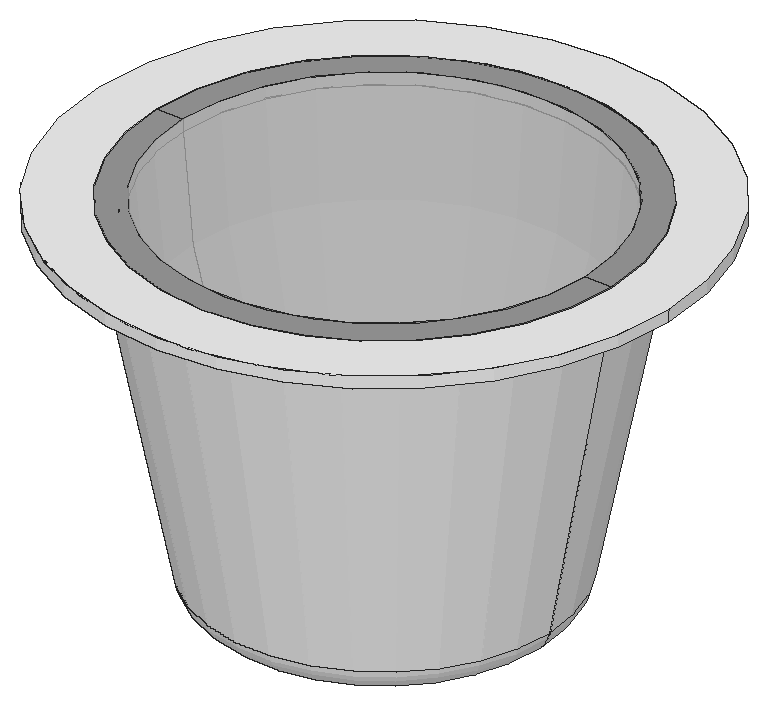
Revit family "2060522 Sylvania Lighting Fixture ASCENT100 II ARCH 1200 3K DALI 120", category Lighting Fixtures, host Face, Revit 2016
Family settings
  Host = Face
  Part Type = Normal
  Round Connector Dimension = Use Diameter
  OmniClass Number = 23.80.70.11.17
  OmniClass Title = Specialized Lighting by Location or Use
  Cut with Voids When Loaded = No
  Light Source = Yes
  Shared = No
  Room Calculation Point = No
Parameters (values of type "2060522 ASCT100 II ARCH 1200 3K DALI 120")
  Weight = "0.715 kg"
  WarrantyStartDate [instance] = "n/a"
  WarrantyGuarantorParts = "n/a"
  WarrantyDurationUnit = "n/a"
  WarrantyDurationParts = "n/a"
  WarrantyDescription = "n/a"
  Voltage = 0 V
  TypeName = "ASCENT100 II ARCH 1200 3K DALI 120"
  SerialNumber [instance] = "n/a"
  ReflectorRadius_SYL = Radius_SYL - 15.0 mm  # 60.0 mm
  PowerFactor = 0
  PowerConsumption = "10 W"
  NominalWidth = 0.0 mm
  NominalLength = 0.0 mm
  NominalHeight = 94.0 mm
  Name = "ASCENT100 II ARCH 1200 3K DALI 120"
  ModelReference = "ASCENT100 II ARCH 1200 3K DALI 120"
  ModelNumber = "2060522"
  Material_4_SYL = Aluminium_Sylvania_Ascent_Silver
  Radius_SYL = 75.0 mm
  Wattage = 10 W
  built-in parameter 1150110 = 1 (stored number, unit not read)
  URL = "http://www.sylvania-lighting.com"
  built-in parameter 1114217 = 1 (stored number, unit not read)
  Tilt Angle = -90°
  built-in parameter 1150109 = 1 (stored number, unit not read)
  built-in parameter 1150134 = (empty or 0)
  built-in parameter 1150113 = 1 (stored number, unit not read)
  Photometric Web File = "2060522.ies"
  Material = "aluminium housing, acrylic diffuser"
  ManufacturerName = "Feilo Sylvania"
  LuminousEfficacy = "116 lm/W"
  LuminaireType = ""
  LightOutputRatio = "100"
  LampsType = Lamp  # "LED"
  LampNominalLuminous = "1160 lm"
  LampMacAdamStep = "n/a"
  LampColourTemperature = "3000 K"
  LampColourRenderingIndex = "80"
  Keynote = "16500"
  InstallationDate [instance] = "n/a"
  InputVoltage = "n/a"
  InputNominalFrequency = "n/a"
  IngressProtection = "IP40"
  ImpactProtectionIndex = "IK02"
  IfcExportType = "IfcLightFixtureType"
  IfcExportAs = "IfcLightFixtureType"
  Height_SYL = 94.0 mm
  ExpectedLife = 50000
  Emit from Circle Diameter = 2 * DiffuserRadius_SYL  # 106.0 mm
  Emit Shape Visible in Rendering = no
  ElectricShockClassification = "Class II"
  DurationUnit = "hours"
  DocumentationLiterature = "http://www.sylvania-lighting.com/product/en-int/products/2060522"
  DimmingControlOptions = "n/a"
  DiffuserRadius_SYL = ReflectorRadius_SYL - 7.0 mm  # 53.0 mm
  Material_3_SYL = Polycarbonate_Sylvania_Ascent_Clear
  Diameter_SYL = 2 * Radius_SYL  # 150.0 mm
  CutoutDiameter_SYL = Diameter_SYL - 13.0 mm  # 137.0 mm
  CreatedOn = "9/17/2018"
  CreatedBy = "@sylvania-lighting.com"
  built-in parameter 1114216 [instance] = 1 (stored number, unit not read)
  Model = "ASCENT100 II ARCH 1200 3K DALI 120"
  Manufacturer = "Feilo Sylvania"
  built-in parameter 1150105 = 92.31 (stored number, unit not read)
  Lumens = 1160 lm
  built-in parameter 1150115 = 1 (stored number, unit not read)
  built-in parameter 1150137 = (empty or 0)
  built-in parameter 1150139 = (empty or 0)
  built-in parameter 1150112 = 1 (stored number, unit not read)
  built-in parameter 1150114 = 1 (stored number, unit not read)
  Lamp = "LED"
  built-in parameter 1150132 = 2
  built-in parameter 1150102 = (empty or 0)
  built-in parameter 1150107 = 3000 (stored number, unit not read)
  built-in parameter 1150138 = (empty or 0)
  built-in parameter 1150106 = 0.9231 (stored number, unit not read)
  Material_1_SYL = Aluminum_Sylvania_Ascent_White
  built-in parameter 1150104 = 10.777 (stored number, unit not read)
  Dimming Lamp Color Temperature Shift = <None>
  Description = "Direct LED retro fit for original LED 100 Arch (120) single CFL lamp offering Matching lumen levels and improved light distribution of original LED 100 CFL lamp equivalents Typically half the power consumption compared to CFL Up to 104lm/W 120mm aperture Architectural reflector accepts range of glass accessories from existing LED 100 Arch 120 offering HE, HO and VHO versions equivalent of single 1 x 13W, 1 x 18W, 1 x 26W Additional VVHO versions which offer the performance circa 2 x 26W equivalent"  # constant formula
  Default Elevation = 0.0 mm
  Color Filter = 16777215
  built-in parameter 1140040 [instance] = 1
  BarCode [instance] = "n/a"
  built-in parameter 1114218 = 1 (stored number, unit not read)
  built-in parameter 1150133 = 10 (stored number, unit not read)
  AssetType = "Fixed"
  AssetIdentifier [instance] = "n/a"
  Assembly Code = "D5020200"
  Apparent Load = 10 VA
  Aperture_SYL = 2 * ReflectorRadius_SYL  # 120.0 mm
  Material_2_SYL = Aluminum_Sylvania_Ascent_White
Reference planes
  plane 1 "Center (Front/Back)": y = 0
  plane 2: z = 0
  plane 3 "Center (Left/Right)": x = 0
  plane 4 "Fixture Bottom": z = 3
  plane 5: z = -52.5
  plane 6 "Fixture Top": z = -91
Forms (mm)
  Extrusion 1, solid, material "Aluminum_Sylvania_Ascent_White" <- "Material_2_SYL", detail levels fine
    sketch origin (0, 0, 0) x (1, 0, 0) y (0, 1, 0)
      loop
        circle (0, 0) r 75
      loop
        circle (0, 0) r 60
    from 0 to 3
  Extrusion 2, void
    sketch origin (0, 0, 0) x (1, 0, 0) y (0, 1, 0)
      loop
        circle (0, 0) r 68.5
    from -91 to 3
  Revolve 3, solid, material "Aluminum_Sylvania_Ascent_White" <- "Material_1_SYL", detail levels fine
    sketch origin (0, 0, 0) x (1, 0, 0) y (0, 0, 1)
      loop
        line (0, -91.073) -> (0, -89.023) -> (-35.468, -89.014)
        arc (-35.468, -89.014) -> (-39.352, -87.613) -> (-41.54, -84.139) r 6.307
        line (-41.54, -84.139) -> (-57.991, -2.844) -> (-57.991, 0) -> (-60, 0) -> (-60, -3) -> (-43.5, -84.536)
        arc (-43.5, -84.536) -> (-40.643, -89.203) -> (-35.5, -91.073) r 8.291
        line (-35.5, -91.073) -> (0, -91.073)
      axis (0, 0) -> (0, -91.073)
    angle from 0 to 360
  Revolve 4, solid, material "Aluminium_Sylvania_Ascent_Silver" <- "Material_4_SYL", detail levels fine
    sketch origin (0, 0, 0) x (1, 0, 0) y (0, 0, 1)
      loop
        line (-60, 3) -> (-60, 0) -> (-55, 0)
        arc (-55, 0) -> (-52.349, -26.77) -> (-44.5, -52.5) r 136.5
        line (-44.5, -52.5) -> (-38, -52.5)
        arc (-38, -52.5) -> (-36.857, -61.521) -> (-33.5, -69.971) r 36.166
        line (-33.5, -69.971) -> (0, -69.971) -> (0, -50.5) -> (-43.16, -50.5)
        arc (-43.16, -50.5) -> (-50.517, -25.725) -> (-53, 0) r 134.5
        line (-53, 0) -> (-53, 3) -> (-60, 3)
      axis (0, 3) -> (0, -69.971)
    angle from 0 to 360
  Extrusion 5, solid, material "Polycarbonate_Sylvania_Ascent_Clear" <- "Material_3_SYL", detail levels fine
    sketch origin (0, 0, 0) x (1, 0, 0) y (0, 1, 0)
      loop
        circle (0, 0) r 53
    from 0 to 3
  Revolve 6, solid, material "Aluminum_Sylvania_Ascent_White" <- "Material_2_SYL", detail levels coarse+medium
    sketch origin (0, 0, 0) x (1, 0, 0) y (0, 0, 1)
      loop
        line (0, -91.073) -> (0, 3) -> (-75, 3) -> (-75, 0) -> (-60, 0) -> (-60, -3) -> (-43.5, -84.536)
        arc (-43.5, -84.536) -> (-40.643, -89.203) -> (-35.5, -91.073) r 8.291
        line (-35.5, -91.073) -> (0, -91.073)
      axis (0, 3) -> (0, -91.073)
    angle from 0 to 360
Dimensions and locks
  locked: plane 4 "Fixture Bottom" to plane 2 at 3
  "Height_SYL": plane 4 "Fixture Bottom" to plane 6 "Fixture Top"
  "ReflectorRadius_SYL": plane 3 "Center (Left/Right)" to Revolve 4 sketch curve
  locked: Revolve 4 sketch curve to Revolve 4 sketch curve at 15.5
  locked: Revolve 4 sketch curve to Revolve 4 sketch curve at 5
  locked: Revolve 4 sketch curve to Revolve 4 sketch curve at 7
  locked: Revolve 4 sketch curve to Revolve 4 sketch curve at 22
  locked: Revolve 4 sketch curve to Revolve 4 sketch curve at 26.5
  locked: Revolve 3 sketch curve to Revolve 3 sketch curve at 16.5
  locked: Revolve 3 sketch curve to Revolve 3 sketch curve at 24.5
  "ReflectorRadius_SYL": Revolve 3 sketch curve to plane 3 "Center (Left/Right)"
  locked: Revolve 3 sketch curve to plane 6 "Fixture Top" at 6.464
  locked: plane 2 to Revolve 3 sketch curve at 3
  locked: Revolve 3 sketch curve to Revolve 3 sketch curve at 2
  locked: Revolve 3 sketch curve to Revolve 3 sketch curve at 2.009
  locked: plane 2 to plane 5 at 52.5
  locked: Revolve 6 sketch curve to Revolve 6 sketch curve at 31.5
  locked: Revolve 6 sketch curve to Revolve 6 sketch curve at 39.5
  locked: Revolve 6 sketch curve to Revolve 6 sketch curve at 15
  "Radius_SYL": plane 3 "Center (Left/Right)" to Revolve 6 sketch curve
  "CutoutDiameter_SYL": diameter of Extrusion 2 sketch curve
  "ReflectorRadius_SYL": radius of Extrusion 1 sketch curve
  "DiffuserRadius_SYL": radius of Extrusion 5 sketch curve
  "Radius_SYL": radius of Extrusion 1 sketch curve
  aligned and locked: host face to plane 2
  aligned and locked: host face to level
  aligned and locked: plane 1 "Center (Front/Back)" to imposter light
  aligned and locked: plane 3 "Center (Left/Right)" to imposter light
  aligned and locked: plane 4 "Fixture Bottom" to Extrusion 1
  aligned and locked: Extrusion 1 to plane 2
  aligned and locked: Revolve 3 sketch curve to plane 3 "Center (Left/Right)"
  aligned and locked: Revolve 4 sketch curve to plane 3 "Center (Left/Right)"  (x2)
  aligned and locked: plane 4 "Fixture Bottom" to Revolve 4 sketch curve
  aligned and locked: Revolve 3 sketch curve to imposter light
  aligned and locked: Extrusion 5 to plane 2
  aligned and locked: imposter light to Extrusion 5
  aligned and locked: plane 2 to Revolve 3 sketch curve  (x2)
  aligned and locked: Revolve 6 sketch curve to imposter light
  aligned and locked: Revolve 6 sketch curve to plane 3 "Center (Left/Right)"
  aligned and locked: plane 6 "Fixture Top" to Extrusion 2
  aligned and locked: imposter light to Extrusion 2
  aligned and locked: imposter light to plane 4 "Fixture Bottom"
Automatic sketch dimensions
  plane 1 "Center (Front/Back)" to Extrusion 2 sketch curve = 0.0 mm
  Extrusion 2 sketch curve to plane 3 "Center (Left/Right)" = 0.0 mm
  Extrusion 1 sketch curve to Extrusion 1 sketch curve = 0.0 mm  (x2)
  plane 1 "Center (Front/Back)" to Extrusion 1 sketch curve = 0.0 mm
  Extrusion 1 sketch curve to plane 3 "Center (Left/Right)" = 0.0 mm
  plane 6 "Fixture Top" to Revolve 3 sketch curve = 0.073 mm
  Revolve 3 sketch curve to plane 6 "Fixture Top" = 6.861 mm
  Revolve 3 sketch curve to Revolve 3 sketch curve = 0.003 mm
  Revolve 3 sketch curve to Revolve 3 sketch curve = 0.009 mm  (x2)
  Revolve 3 sketch curve to Revolve 3 sketch curve = 0.023 mm
  Revolve 3 sketch curve to Revolve 3 sketch curve = 0.072 mm
  Revolve 3 sketch curve to Revolve 3 sketch curve = 0.008 mm
  Revolve 3 sketch curve to plane 6 "Fixture Top" = 1.977 mm
  Revolve 3 sketch curve to Revolve 3 sketch curve = 33.496 mm
  Revolve 3 sketch curve to Revolve 3 sketch curve = 0.028 mm
  plane 4 "Fixture Bottom" to Revolve 3 sketch curve = 82.431 mm
  Revolve 4 sketch curve to Revolve 4 sketch curve = 0.0 mm  (x2)
  Revolve 4 sketch curve to plane 5 = 0.0 mm
  Revolve 4 sketch curve to level = 0.0 mm
  plane 5 to Revolve 4 sketch curve = 2.0 mm
  plane 4 "Fixture Bottom" to Revolve 4 sketch curve = 9.642 mm
  plane 1 "Center (Front/Back)" to Extrusion 5 sketch curve = 0.0 mm
  Extrusion 5 sketch curve to plane 3 "Center (Left/Right)" = 0.0 mm
  Revolve 4 sketch curve to level = 69.971 mm
  Revolve 4 sketch curve to Revolve 4 sketch curve = 2.387 mm
  Revolve 6 sketch curve to level = 0.0 mm
  Revolve 6 sketch curve to plane 3 "Center (Left/Right)" = 0.0 mm
  Revolve 6 sketch curve to Revolve 6 sketch curve = 8.104 mm
  Revolve 6 sketch curve to level = 3.0 mm
  Revolve 6 sketch curve to plane 6 "Fixture Top" = 6.464 mm
  plane 6 "Fixture Top" to Revolve 6 sketch curve = 0.073 mm
  Revolve 6 sketch curve to Revolve 6 sketch curve = 33.496 mm
  plane 4 "Fixture Bottom" to Revolve 6 sketch curve = 82.431 mm
  host sketch curve to host sketch curve = 1368.192 mm
  host sketch curve to host sketch curve = 1600.367 mm
Connectors
  electrical at (0, 0, -91.073), driven by "Apparent Load"
    settings: on Revolve 3, index 1, voltage 240 V, apparent load 0 VA, apparent load phase1 10 VA, apparent load phase2 0 VA, apparent load phase3 0 VA, power factor 1, load classification "Lighting", number of poles 1, system type 31, power factor state 1, is connector primary yes, connector utility no, sub classification motor no, connector description ""
